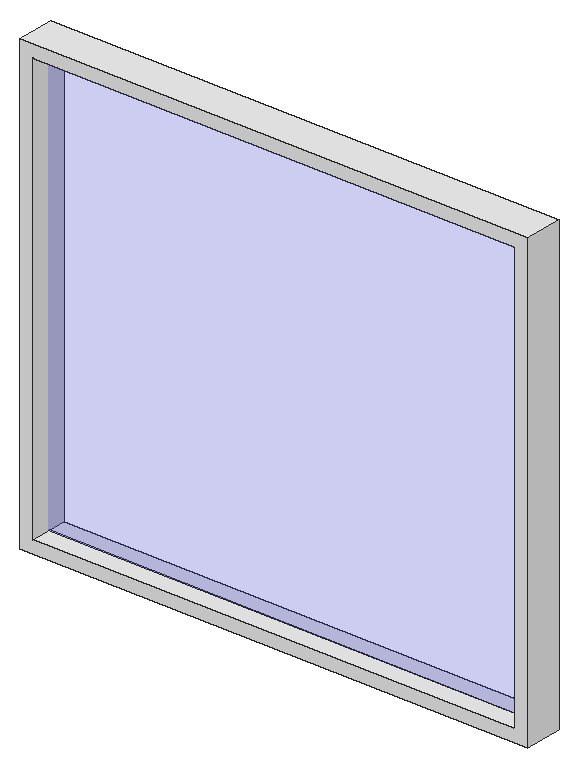
Revit family
Parameters
  창 두께 = 150 mm
  창 패널 = AW2 창 패널
  창 프레임 = AW2 창 프레임
  Height = 1800 mm
  절반 창 두께 = 창 두께 / 2  # 75 mm
  기본 씰 높이 = 800 mm
  Wall Closure = (empty or 0)
  Width = 2000 mm
Reference planes
  plane 1: y = 0
  plane 2 "중심(왼쪽/오른쪽)": x = 0
  plane 3 "왼쪽": x = -1000
  plane 4 "오른쪽": x = 1000
  plane 5 "씰": z = 800
  plane 6 "헤드": z = 2600
  plane 7 "외부": y = 100
  plane 8 "내부": y = -100
  plane 9: y = 75
  plane 10: y = -75
  plane 11: x = -950
  plane 12: x = 950
  plane 13: y = -3
  plane 14: y = 3
  plane 15: z = 2550
  plane 16: z = 850
Forms (mm)
  Extrusion 1, solid, material "AW2 창 프레임" <- "창 프레임"
    sketch origin (-2000, 75, 1000) x (-1, 0, 0) y (0, 0, 1)
      loop
        line (-3000, 1600) -> (-3000, -200) -> (-1000, -200) -> (-1000, 1600) -> (-3000, 1600)
      loop
        line (-2950, 1550) -> (-2950, -150) -> (-1050, -150) -> (-1050, 1550) -> (-2950, 1550)
    from -150 to 0
  Extrusion 2, solid, material "AW2 창 패널" <- "창 패널"
    sketch origin (-2000, 75, 1000) x (-1, 0, 0) y (0, 0, 1)
      loop
        line (-2950, 1550) -> (-2950, -150) -> (-1050, -150) -> (-1050, 1550) -> (-2950, 1550)
    from -78 to -72
Lines and regions (mm)
  Opening 1
    outline origin (3500, -100, 0) x (1, 0, 0) y (0, 0, 1)
      loop
        line (-2500, 800) -> (-2500, 2600) -> (-4500, 2600) -> (-4500, 800) -> (-2500, 800)
  symbolic lines
    curve 1: line (-1000, 0, 0) -> (1000, 0, 0)
    curve 2: line (-1000, -75, 0) -> (1000, -75, 0)
    curve 3: line (-1000, 75, 0) -> (1000, 75, 0)
    curve 4: line (-1000, 100, 0) -> (-1000, -100, 0)
    curve 5: line (1000, 100, 0) -> (1000, -100, 0)
Text (mm)
  text "외부" at (-1963.203, 1332.353, 0), in view "참조 레벨"
  text "내부" at (-1981.466, -818.386, 0), in view "참조 레벨"
  text "외부" at (0, 923.751, 2943.296), in view "오른쪽"
  text "외부" at (0, 1040.484, 2685.409), in view "왼쪽"
Dimensions and locks
  equal spacing: plane 3 "왼쪽", plane 2 "중심(왼쪽/오른쪽)", plane 4 "오른쪽"
  "Width": plane 3 "왼쪽" to plane 4 "오른쪽"
  "Height": plane 5 "씰" to plane 6 "헤드"
  "기본 씰 높이": plane 5 "씰" to level
  locked: plane 7 "외부" to host wall at 0
  locked: plane 8 "내부" to host wall
  locked: plane 3 "왼쪽" to plane 11 at 50
  locked: plane 12 to plane 4 "오른쪽" at 50
  plane 13 to host wall to plane 14 = 3 mm locked, 3 mm locked
  "절반 창 두께": plane 9 to plane 1
  "절반 창 두께": plane 10 to plane 1
  locked: plane 15 to plane 6 "헤드" at 50
  locked: plane 5 "씰" to plane 16 at 50
  aligned and locked: plane 6 "헤드" to Extrusion 1 sketch curve
  aligned and locked: plane 4 "오른쪽" to Extrusion 1 sketch curve
  aligned and locked: Extrusion 1 sketch curve to plane 5 "씰"
  aligned and locked: Extrusion 1 sketch curve to plane 3 "왼쪽"
  aligned and locked: plane 12 to Extrusion 1 sketch curve
  aligned and locked: Extrusion 1 sketch curve to plane 15
  aligned and locked: plane 16 to Extrusion 1 sketch curve
  aligned and locked: Extrusion 1 sketch curve to plane 11
  aligned and locked: plane 9 to Extrusion 1
  aligned and locked: Extrusion 1 to plane 10
  aligned and locked: Extrusion 2 sketch curve to plane 15
  aligned and locked: plane 12 to Extrusion 2 sketch curve
  aligned and locked: plane 16 to Extrusion 2 sketch curve
  aligned and locked: Extrusion 2 sketch curve to plane 11
  aligned and locked: Extrusion 2 to plane 13
  aligned and locked: plane 14 to Extrusion 2
  aligned and locked: plane 3 "왼쪽" to curve 1
  aligned and locked: plane 3 "왼쪽" to curve 2
  aligned and locked: plane 4 "오른쪽" to curve 1
  aligned and locked: curve 3 to plane 9
  aligned and locked: host wall to curve 1
  aligned and locked: curve 2 to plane 10
  aligned and locked: plane 8 "내부" to curve 4
  aligned and locked: plane 7 "외부" to curve 4
  aligned and locked: plane 8 "내부" to curve 5
  aligned and locked: plane 7 "외부" to curve 5
  aligned and locked: plane 4 "오른쪽" to curve 5
Automatic sketch dimensions
  Opening 1 sketch curve to plane 3 "왼쪽" = 0 mm
  Opening 1 sketch curve to plane 4 "오른쪽" = 0 mm
  Opening 1 sketch curve to plane 5 "씰" = 0 mm
  Opening 1 sketch curve to plane 6 "헤드" = 0 mm
